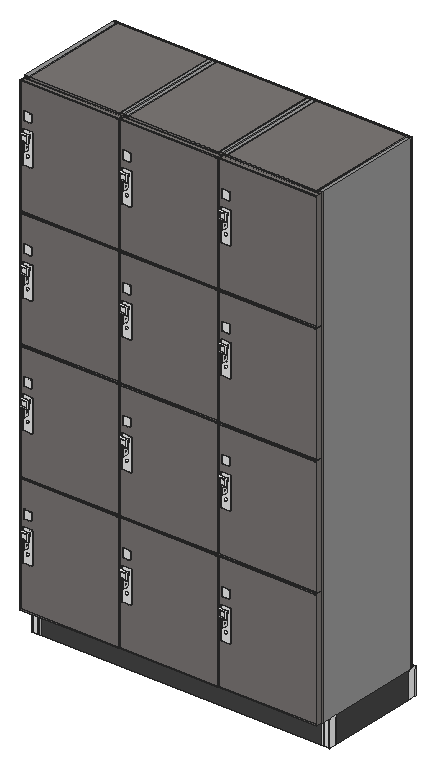
Revit family "Wood_Lockers_Hasps-Salsbury_Industries-15_44000_Series-3_Wide_Units.rfa", category Specialty Equipment, Revit 2016 (continued)
Definition of nested family "Wood Locker Flat Corner Fillers"
  Types (6): name | Width | Visible | Version | Type Comments | Model | Manufacturer | Description | Depth
    44439 - for 24" D Lockers | 25.875" | yes | "1.0 (12/15/23)" | "Flat Top Corner Filler for Premier Wood Lockers" | "44439" | "Salsbury Industries" | "For 24\" D Lockers" | 25.875"
  Reference planes (in)
    plane 1 "Center (Front/Back)": y = 0
    plane 2: z = 0
    plane 3 "Center (Left/Right)": x = 0
    plane 4 "Right Side": x = 8.4375
    plane 5 "Left Side": x = -8.4375
    plane 6 "Front Side": y = -8.4375
    plane 7 "Back Side": y = 8.4375
    plane 8 "Bottom": z = 0
    plane 9 "Top Side": z = 0.75
    plane 10 "Wood - Laminate Line": z = 0.719
    plane 11: x = -5.4375
    plane 12: y = -5.4375
  Forms (in)
    Extrusion 1, solid, visible <- "Visible"
      sketch origin (0, 0, 0) x (0, -1, 0) y (1, 0, 0)
        loop
          line (-8.4375, -8.4375) -> (5.4375, -8.4375) -> (5.4375, -5.4375) -> (8.4375, -5.4375) -> (8.4375, 8.4375) -> (-8.4375, 8.4375) -> (-8.4375, -8.4375)
      from 0 to 0.719
    Extrusion 2, solid, material <- "Laminate Surface", visible <- "Visible"
      sketch origin (0, 0, 0.75) x (1, 0, 0) y (0, 1, 0)
        loop
          line (-8.4375, -5.4375) -> (-5.4375, -5.4375) -> (-5.4375, -8.4375) -> (8.4375, -8.4375) -> (8.4375, 8.4375) -> (-8.4375, 8.4375) -> (-8.4375, -5.4375)
      from -0.031 to 0
  Dimensions and locks (in)
    equal spacing: plane 6 "Front Side", plane 1 "Center (Front/Back)", plane 7 "Back Side"
    equal spacing: plane 5 "Left Side", plane 3 "Center (Left/Right)", plane 4 "Right Side"
    "Width": plane 5 "Left Side" to plane 4 "Right Side"
    "Depth": plane 6 "Front Side" to plane 7 "Back Side"
    "Height": plane 9 "Top Side" to plane 8 "Bottom"
    locked: plane 9 "Top Side" to plane 10 "Wood - Laminate Line" at 0.031
    locked: plane 6 "Front Side" to plane 12 at 3
    locked: plane 5 "Left Side" to plane 11 at 3
    plane 12 to plane 7 "Back Side" = 13.875"
    aligned and locked: level to plane 2
  Automatic sketch dimensions
    Extrusion 2 sketch curve to plane 5 "Left Side" = 0.000"
    plane 6 "Front Side" to Extrusion 2 sketch curve = 0.000"
    Extrusion 2 sketch curve to plane 11 = 0.000"
    Extrusion 2 sketch curve to plane 4 "Right Side" = 0.000"
    Extrusion 2 sketch curve to plane 12 = 0.000"
    plane 7 "Back Side" to Extrusion 2 sketch curve = 0.000"
    Extrusion 1 sketch curve to plane 5 "Left Side" = 0.000"
    plane 7 "Back Side" to Extrusion 1 sketch curve = 0.000"
    Extrusion 1 sketch curve to plane 12 = 0.000"
    Extrusion 1 sketch curve to plane 4 "Right Side" = 0.000"
    plane 6 "Front Side" to Extrusion 1 sketch curve = 0.000"
    Extrusion 1 sketch curve to plane 11 = 0.000"
Definition of nested family "Wood Locker Side Panels-No Slope"
  Parameters (values of type "44237 - 6' H for 24"D Lockers")
    Width = 23.625"
    Visible = yes
    Version = "1.0 (12/15/23)"
    Type Comments = "Side Panel for Premier Wood Lockers without Sloping Hood"
    Model = "44237"
    Manufacturer = "Salsbury Industries"
    Laminate Surface = none
    Height = 72.000"
    Door Trim = none
    Description = "6' H for 21\" D Lockers"
    Depth = 0.750"
  Types (6): name | Width | Visible | Version | Type Comments | Model | Manufacturer | Description
    (no name) | 23.625" | yes | "1.0 (12/15/23)" | "Side Panel for Premier Wood Lockers without Sloping Hood" | "44237" | "Salsbury Industries" | "6' H for 21\" D Lockers"
    44330 - 6' H for 15"D Lockers | 14.625" | yes | "1.0 (12/15/23)" | "Side Panel for Premier Wood Lockers without Sloping Hood" | "44330" | "Salsbury Industries" | "6' H for 15\" D Lockers"
    44333 - 6' H for 18" D Lockers | 17.625" | yes | "1.0 (12/15/23)" | "Side Panel for Premier Wood Lockers withouth Sloping Hood" | "44333" | "Salsbury Industries" | "6' H for 18\" D Lockers"
    44335 - 6' H for 21" D Lockers | 20.625" | yes | "1.0 (12/15/23)" | "Side Panel for Premier Wood Lockers without Sloping Hood" | "44335" | "Salsbury Industries" | "6' H for 21\" D Lockers"
    None | 14.000" | no | "" | "" | "" | "" | ""
    44237 - 6' H for 24"D Lockers | 23.625" | yes | "1.0 (12/15/23)" | "Side Panel for Premier Wood Lockers without Sloping Hood" | "44237" | "Salsbury Industries" | "6' H for 21\" D Lockers"
  Reference planes (in)
    plane 1 "Center (Front/Back)": y = 0
    plane 2: z = 0
    plane 3 "Center (Left/Right)": x = 0
    plane 4 "Back": y = 0.375
    plane 5 "Front": y = -0.375
    plane 6 "Left Side": x = -11.8125
    plane 7 "Right Side": x = 11.8125
    plane 8 "Bottom": z = 0
    plane 9 "Top": z = 72
    plane 10 "Center Elevation": z = 36
    plane 11 "Wood - Laminate Edge": y = -0.344
    plane 12 "Right Side of Wood": x = 11.7815
    plane 13 "Left Side of Wood": x = -11.7815
    plane 14 "Top of Wood": z = 71.969
    plane 15 "Bottom of Wood": z = 0.031
  Forms (in)
    Extrusion 1, solid, visible <- "Visible"
      sketch origin (0, 0.375, 0) x (1, 0, 0) y (0, 0, 1)
        loop
          line (11.7815, 71.969) -> (-11.7815, 71.969) -> (-11.7815, 0.031) -> (11.7815, 0.031) -> (11.7815, 71.969)
      from 0 to 0.719
    Extrusion 2, solid, material <- "Laminate Surface", visible <- "Visible"
      sketch origin (0, -0.375, 0) x (1, 0, 0) y (0, 0, 1)
        loop
          line (-11.8125, 72) -> (-11.8125, 0) -> (11.8125, 0) -> (11.8125, 72) -> (-11.8125, 72)
      from -0.031 to 0
    Extrusion 3, solid, material <- "Laminate Surface", visible <- "Visible"
      sketch origin (0, 0, 0) x (1, 0, 0) y (0, 0, 1)
        loop
          line (-11.8125, 0) -> (11.8125, 0) -> (11.8125, 72) -> (-11.8125, 72) -> (-11.8125, 0)
        loop
          line (-11.7815, 0.031) -> (11.7815, 0.031) -> (11.7815, 71.969) -> (-11.7815, 71.969) -> (-11.7815, 0.031)
      from -0.375 to 0.344
  Dimensions and locks (in)
    equal spacing: plane 6 "Left Side", plane 3 "Center (Left/Right)", plane 7 "Right Side"
    plane 5 "Front" to plane 1 "Center (Front/Back)" to plane 4 "Back" = 0.375", 0.375"
    "Width": plane 6 "Left Side" to plane 7 "Right Side"
    "Depth": plane 5 "Front" to plane 4 "Back"
    equal spacing: plane 9 "Top", plane 10 "Center Elevation", plane 8 "Bottom"
    "Height": plane 9 "Top" to plane 8 "Bottom"
    locked: plane 5 "Front" to plane 11 "Wood - Laminate Edge" at 0.031
    locked: plane 15 "Bottom of Wood" to plane 8 "Bottom" at 0.031
    locked: plane 12 "Right Side of Wood" to plane 7 "Right Side" at 0.031
    locked: plane 6 "Left Side" to plane 13 "Left Side of Wood" at 0.031
    locked: plane 9 "Top" to plane 14 "Top of Wood" at 0.031
    aligned and locked: level to plane 2
    aligned and locked: Extrusion 2 sketch curve to plane 7 "Right Side"
    aligned and locked: plane 8 "Bottom" to Extrusion 2 sketch curve
    aligned and locked: plane 6 "Left Side" to Extrusion 2 sketch curve
    aligned and locked: plane 9 "Top" to Extrusion 2 sketch curve
    aligned and locked: Extrusion 3 to plane 4 "Back"
    aligned and locked: plane 11 "Wood - Laminate Edge" to Extrusion 3
  Automatic sketch dimensions
    plane 13 "Left Side of Wood" to Extrusion 1 sketch curve = 0.000"
    plane 12 "Right Side of Wood" to Extrusion 1 sketch curve = 0.000"
    Extrusion 1 sketch curve to plane 15 "Bottom of Wood" = 0.000"
    Extrusion 1 sketch curve to plane 14 "Top of Wood" = 0.000"
    plane 13 "Left Side of Wood" to Extrusion 3 sketch curve = 0.000"
    Extrusion 3 sketch curve to level = 0.000"
    plane 13 "Left Side of Wood" to Extrusion 3 sketch curve = 0.031"
    plane 12 "Right Side of Wood" to Extrusion 3 sketch curve = 0.000"
    plane 7 "Right Side" to Extrusion 3 sketch curve = 0.000"
    Extrusion 3 sketch curve to plane 15 "Bottom of Wood" = 0.000"
    Extrusion 3 sketch curve to plane 14 "Top of Wood" = 0.000"
    Extrusion 3 sketch curve to plane 9 "Top" = 0.000"
Definition of nested family "Wood Locker Side Panels-With Slope"
  Parameters (values of type "44238 - 6' H for 24" D Lockers")
    Width = 23.625"
    Visible = yes
    Version = "1.0 (12/15/23)"
    Type Comments = "Side Panel for Premier Wood Lockers with Sloping Hood"
    Slope Height = 8.608"
    Model = "44238"
    Manufacturer = "Salsbury Industries"
    Laminate Surface = none
    Height = 72.153"
    Door Trim = none
    Description = "6' H for 24\" D Lockers"
    Depth = 0.750"
  Types (6): name | Width | Visible | Version | Type Comments | Slope Height | Model | Manufacturer | Height | Description
    (no name) | 23.625" | yes | "1.0 (12/15/23)" | "Side Panel for Premier Wood Lockers with Sloping Hood" | 8.608" | "44238" | "Salsbury Industries" | 72.153" | "6' H for 24\" D Lockers"
    44334 - 6' H  for 18" D Lockers | 17.625" | yes | "1.0 (12/15/23)" | "Side Panel for Premier Wood Lockers with Sloping Hood" | 6.806" | "44334" | "Salsbury Industries" | 72.062" | "6' H for 18\" D Lockers"
    44336 - 6' H for 21" D Lockers | 20.625" | yes | "1.0 (12/15/23)" | "Side Panel for Premier Wood Lockers with Sloping Hood" | 7.931" | "44336" | "Salsbury Industries" | 72.062" | "6' H for 21\" D Lockers"
    None | 14.625" | no | "" | "" | 5.681" | "" | "" | 72.062" | ""
    44339 - 6' H for 15" D Lockers | 14.625" | yes | "1.0 (12/15/23)" | "Side Panel for Premier Wood Lockers with Sloping Hood" | 5.681" | "44339" | "Salsbury Industries" | 72.062" | "6' H for 15\" D Lockers"
    44238 - 6' H for 24" D Lockers | 23.625" | yes | "1.0 (12/15/23)" | "Side Panel for Premier Wood Lockers with Sloping Hood" | 8.608" | "44238" | "Salsbury Industries" | 72.153" | "6' H for 24\" D Lockers"
  Reference planes (in)
    plane 1 "Center (Front/Back)": y = 0
    plane 2: z = 0
    plane 3 "Center (Left/Right)": x = 0
    plane 4 "Back": y = 0.375
    plane 5 "Front": y = -0.375
    plane 6 "Left Side": x = -11.8125
    plane 7 "Right Side": x = 11.8125
    plane 8 "Bottom": z = 0
    plane 9 "Top": z = 72.153
    plane 10 "Center Elevation": z = 36.0765
    plane 11 "Wood - Laminate Edge": y = -0.344
    plane 12 "Right Side of Wood": x = 11.7815
    plane 13 "Left Side of Wood": x = -11.7815
    plane 14 "Top of Wood": z = 72.028
    plane 15 "Bottom of Wood": z = 0.031
    plane 16: z = 80.761
    plane 17: z = 80.636
  Forms (in)
    Extrusion 1, solid, visible <- "Visible"
      sketch origin (0, 0.375, 0) x (1, 0, 0) y (0, 0, 1)
        loop
          line (-11.8125, 80.73) -> (-11.8125, 0) -> (11.7815, 0) -> (11.7815, 72.13387) -> (-11.8125, 80.73)
      from 0 to 0.719
    Extrusion 2, solid, material <- "Laminate Surface", visible <- "Visible"
      sketch origin (0, -0.375, 0) x (1, 0, 0) y (0, 0, 1)
        loop
          line (-11.8125, 0) -> (11.8125, 0) -> (11.8125, 72.153) -> (-11.8125, 80.761) -> (-11.8125, 0)
      from -0.031 to 0
    Extrusion 3, solid, material <- "Laminate Surface", visible <- "Visible"
      sketch origin (0, -0.375, 0) x (1, 0, 0) y (0, 0, 1)
        loop
          line (11.8125, 0) -> (11.8125, 72.153) -> (-11.8125, 80.761) -> (-11.8125, 80.73) -> (11.7815, 72.13387) -> (11.7815, 0) -> (11.8125, 0)
      from -0.031 to -0.75
  Dimensions and locks (in)
    equal spacing: plane 6 "Left Side", plane 3 "Center (Left/Right)", plane 7 "Right Side"
    plane 5 "Front" to plane 1 "Center (Front/Back)" to plane 4 "Back" = 0.375", 0.375"
    "Width": plane 6 "Left Side" to plane 7 "Right Side"
    "Depth": plane 5 "Front" to plane 4 "Back"
    equal spacing: plane 9 "Top", plane 10 "Center Elevation", plane 8 "Bottom"
    "Height": plane 9 "Top" to plane 8 "Bottom"
    locked: plane 5 "Front" to plane 11 "Wood - Laminate Edge" at 0.031
    locked: plane 15 "Bottom of Wood" to plane 8 "Bottom" at 0.031
    locked: plane 12 "Right Side of Wood" to plane 7 "Right Side" at 0.031
    locked: plane 6 "Left Side" to plane 13 "Left Side of Wood" at 0.031
    locked: plane 9 "Top" to plane 14 "Top of Wood" at 0.125
    "Slope Height": plane 16 to plane 9 "Top"
    locked: plane 16 to plane 17 at 0.125
    aligned and locked: level to plane 2
    aligned and locked: Extrusion 3 to plane 4 "Back"
    aligned and locked: plane 11 "Wood - Laminate Edge" to Extrusion 3
  Automatic sketch dimensions
    plane 6 "Left Side" to Extrusion 2 sketch curve = 0.000"
    plane 7 "Right Side" to Extrusion 2 sketch curve = 0.000"
    Extrusion 2 sketch curve to level = 0.000"
    Extrusion 2 sketch curve to plane 9 "Top" = 0.000"
    Extrusion 2 sketch curve to plane 16 = 0.000"
    Extrusion 1 sketch curve to level = 0.000"
    plane 6 "Left Side" to Extrusion 1 sketch curve = 0.000"
    plane 12 "Right Side of Wood" to Extrusion 1 sketch curve = 0.000"
    plane 9 "Top" to Extrusion 1 sketch curve = 0.01913"
    plane 6 "Left Side" to Extrusion 3 sketch curve = 0.000"
    plane 12 "Right Side of Wood" to Extrusion 3 sketch curve = 0.000"
    plane 7 "Right Side" to Extrusion 3 sketch curve = 0.000"
    Extrusion 3 sketch curve to level = 0.000"
    Extrusion 3 sketch curve to plane 9 "Top" = 0.000"
    Extrusion 3 sketch curve to plane 16 = 0.000"
    plane 9 "Top" to Extrusion 3 sketch curve = 0.01913"
    plane 16 to Extrusion 3 sketch curve = 0.031"
    plane 16 to Extrusion 1 sketch curve = 0.031"
Definition of nested family "Wood Locker Double Side Panels-No Slope"
  Parameters (values of type "44237DE - 6' H for 24"D Lockers")
    Width = 47.250"
    Visible = yes
    Version = "1.0 (12/15/23)"
    Type Comments = "Double End Panel for Premier Wood Lockers"
    Model = "44237DE"
    Manufacturer = "Salsbury Industries"
    Laminate Surface = none
    Height = 72.000"
    Door Trim = none
    Description = "For 6' H x 21\" D without Sloping Hood"
    Depth = 0.750"
  Types (6): name | Width | Visible | Version | Type Comments | Model | Manufacturer | Description
    (no name) | 47.250" | yes | "1.0 (12/15/23)" | "Double End Panel for Premier Wood Lockers" | "44237DE" | "Salsbury Industries" | "For 6' H x 21\" D without Sloping Hood"
    44330DE - 6' H for 15"D Lockers | 29.250" | yes | "1.0 (12/15/23)" | "Double End Panel for Premier Wood Lockers" | "44330DE" | "Salsbury Industries" | "For 6' H x 15\" D without Sloping Hood"
    44333DE - 6' H for 18" D Lockers | 35.250" | yes | "1.0 (12/15/23)" | "Double End Panel for Premier Wood Lockers" | "44333DE" | "Salsbury Industries" | "For 6' H x 18\" D without Sloping Hood"
    44335DE - 6' H for 21" D Lockers | 41.250" | yes | "1.0 (12/15/23)" | "Double End Panel for Premier Wood Lockers" | "44335DE" | "Salsbury Industries" | "For 6' H x 21\" D without Sloping Hood"
    None | 14.000" | no | "" | "" | "" | "" | ""
    44237DE - 6' H for 24"D Lockers | 47.250" | yes | "1.0 (12/15/23)" | "Double End Panel for Premier Wood Lockers" | "44237DE" | "Salsbury Industries" | "For 6' H x 21\" D without Sloping Hood"
  Reference planes (in)
    plane 1 "Center (Front/Back)": y = 0
    plane 2: z = 0
    plane 3 "Center (Left/Right)": x = 0
    plane 4 "Back": y = 0.375
    plane 5 "Front": y = -0.375
    plane 6 "Left Side": x = -23.625
    plane 7 "Right Side": x = 23.625
    plane 8 "Bottom": z = 0
    plane 9 "Top": z = 72
    plane 10 "Center Elevation": z = 36
    plane 11 "Wood - Laminate Edge": y = -0.344
    plane 12 "Right Side of Wood": x = 23.594
    plane 13 "Left Side of Wood": x = -23.594
    plane 14 "Top of Wood": z = 71.969
    plane 15 "Bottom of Wood": z = 0.031
  Forms (in)
    Extrusion 1, solid, visible <- "Visible"
      sketch origin (0, 0.375, 0) x (1, 0, 0) y (0, 0, 1)
        loop
          line (23.594, 71.969) -> (-23.594, 71.969) -> (-23.594, 0.031) -> (23.594, 0.031) -> (23.594, 71.969)
      from 0 to 0.719
    Extrusion 2, solid, material <- "Laminate Surface", visible <- "Visible"
      sketch origin (0, -0.375, 0) x (1, 0, 0) y (0, 0, 1)
        loop
          line (-23.625, 72) -> (-23.625, 0) -> (23.625, 0) -> (23.625, 72) -> (-23.625, 72)
      from -0.031 to 0
    Extrusion 3, solid, material <- "Laminate Surface", visible <- "Visible"
      sketch origin (0, 0, 0) x (1, 0, 0) y (0, 0, 1)
        loop
          line (-23.625, 0) -> (23.625, 0) -> (23.625, 72) -> (-23.625, 72) -> (-23.625, 0)
        loop
          line (23.594, 71.969) -> (-23.594, 71.969) -> (-23.594, 0.031) -> (23.594, 0.031) -> (23.594, 71.969)
      from -0.375 to 0.344
  Dimensions and locks (in)
    equal spacing: plane 6 "Left Side", plane 3 "Center (Left/Right)", plane 7 "Right Side"
    plane 5 "Front" to plane 1 "Center (Front/Back)" to plane 4 "Back" = 0.375", 0.375"
    "Width": plane 6 "Left Side" to plane 7 "Right Side"
    "Depth": plane 5 "Front" to plane 4 "Back"
    equal spacing: plane 9 "Top", plane 10 "Center Elevation", plane 8 "Bottom"
    "Height": plane 9 "Top" to plane 8 "Bottom"
    locked: plane 5 "Front" to plane 11 "Wood - Laminate Edge" at 0.031
    locked: plane 15 "Bottom of Wood" to plane 8 "Bottom" at 0.031
    plane 12 "Right Side of Wood" to plane 7 "Right Side" = 0.031"
    locked: plane 6 "Left Side" to plane 13 "Left Side of Wood" at 0.031
    locked: plane 9 "Top" to plane 14 "Top of Wood" at 0.031
    aligned and locked: level to plane 2
    aligned and locked: Extrusion 2 sketch curve to plane 8 "Bottom"
    aligned and locked: plane 6 "Left Side" to Extrusion 2 sketch curve
    aligned and locked: Extrusion 2 sketch curve to plane 7 "Right Side"
    aligned and locked: Extrusion 2 sketch curve to plane 9 "Top"
    aligned and locked: Extrusion 3 to plane 4 "Back"
    aligned and locked: plane 11 "Wood - Laminate Edge" to Extrusion 3
  Automatic sketch dimensions
    plane 13 "Left Side of Wood" to Extrusion 1 sketch curve = 0.000"
    plane 12 "Right Side of Wood" to Extrusion 1 sketch curve = 0.000"
    Extrusion 1 sketch curve to plane 15 "Bottom of Wood" = 0.000"
    Extrusion 1 sketch curve to plane 14 "Top of Wood" = 0.000"
    Extrusion 3 sketch curve to level = 0.000"
    plane 6 "Left Side" to Extrusion 3 sketch curve = 0.000"
    plane 7 "Right Side" to Extrusion 3 sketch curve = 0.000"
    Extrusion 3 sketch curve to plane 9 "Top" = 0.000"
    plane 13 "Left Side of Wood" to Extrusion 3 sketch curve = 0.000"
    Extrusion 3 sketch curve to plane 15 "Bottom of Wood" = 0.000"
    Extrusion 3 sketch curve to plane 14 "Top of Wood" = 0.000"
    plane 12 "Right Side of Wood" to Extrusion 3 sketch curve = 0.000"
Definition of nested family "Wood Locker Double Side Panels-With Slope"
  Parameters (values of type "44238DE - 6' H for 24"D Lockers")
    Width = 47.250"
    Visible = yes
    Version = "1.0 (12/15/23)"
    Type Comments = "Double End Panel for Premier Wood Lockers"
    Slope Height = 8.895"
    Model = "442386DE"
    Manufacturer = "Salsbury Industries"
    Laminate Surface = none
    Height = 72.153"
    Door Trim = none
    Description = "For 6' H x 21\" D Lockers with Sloping Hood"
    Depth = 0.750"
  Types (6): name | Width | Visible | Version | Type Comments | Slope Height | Model | Manufacturer | Height | Description
    (no name) | 47.250" | yes | "1.0 (12/15/23)" | "Double End Panel for Premier Wood Lockers" | 8.895" | "442386DE" | "Salsbury Industries" | 72.153" | "For 6' H x 21\" D Lockers with Sloping Hood"
    44339DE - 6' H for 15"D Lockers | 29.250" | yes | "1.0 (12/15/23)" | "Double End Panel for Premier Wood Lockers" | 5.681" | "44339DE" | "Salsbury Industries" | 72.062" | "For 6' H x 15\" D Lockers with Sloping Hood"
    44334DE - 6' H  for 18" D Lockers | 35.250" | yes | "1.0 (12/15/23)" | "Double End Panel for Premier Wood Lockers" | 6.806" | "44334DE" | "Salsbury Industries" | 72.062" | "For 6' H x 18\" D Lockers with Sloping Hood"
    44336DE - 6' H for 21" D Lockers | 41.250" | yes | "1.0 (12/15/23)" | "Double End Panel for Premier Wood Lockers" | 7.931" | "44336DE" | "Salsbury Industries" | 72.062" | "For 6' H x 21\" D Lockers with Sloping Hood"
    None | 14.000" | no | "" | "" | 5.500" | "" | "" | 72.000" | ""
    44238DE - 6' H for 24"D Lockers | 47.250" | yes | "1.0 (12/15/23)" | "Double End Panel for Premier Wood Lockers" | 8.895" | "442386DE" | "Salsbury Industries" | 72.153" | "For 6' H x 21\" D Lockers with Sloping Hood"
  Reference planes (in)
    plane 1 "Center (Front/Back)": y = 0
    plane 2: z = 0
    plane 3 "Center (Left/Right)": x = 0
    plane 4 "Back": y = 0.375
    plane 5 "Front": y = -0.375
    plane 6 "Left Side": x = -23.625
    plane 7 "Right Side": x = 23.625
    plane 8 "Bottom": z = 0
    plane 9 "Top": z = 72.153
    plane 10 "Center Elevation": z = 36.0765
    plane 11 "Wood - Laminate Edge": y = -0.344
    plane 12 "Right Side of Wood": x = 23.594
    plane 13 "Left Side of Wood": x = -23.594
    plane 14 "Top of Wood": z = 72.028
    plane 15 "Bottom of Wood": z = 0.125
    plane 16: z = 81.048
    plane 17: z = 81.017
  Forms (in)
    Extrusion 1, solid, visible <- "Visible"
      sketch origin (0, 0.375, 0) x (1, 0, 0) y (0, 0, 1)
        loop
          line (23.594, 72.122) -> (0, 81.017) -> (-23.594, 72.122) -> (-23.594, 0) -> (23.594, 0) -> (23.594, 72.122)
      from 0 to 0.719
    Extrusion 2, solid, material <- "Laminate Surface", visible <- "Visible"
      sketch origin (0, -0.375, 0) x (1, 0, 0) y (0, 0, 1)
        loop
          line (23.625, 0) -> (23.625, 72.153) -> (0, 81.048) -> (-23.625, 72.153) -> (-23.625, 0) -> (23.625, 0)
      from -0.031 to 0
    Extrusion 3, solid, material <- "Laminate Surface", visible <- "Visible"
      sketch origin (0, 0.375, 0) x (1, 0, 0) y (0, 0, 1)
        loop
          line (23.625, 0) -> (23.625, 72.153) -> (0, 81.048) -> (-23.625, 72.153) -> (-23.625, 0) -> (-23.594, 0) -> (-23.594, 72.122) -> (0, 81.017) -> (23.594, 72.122) -> (23.594, 0) -> (23.625, 0)
      from 0 to 0.719
  Dimensions and locks (in)
    equal spacing: plane 6 "Left Side", plane 3 "Center (Left/Right)", plane 7 "Right Side"
    plane 5 "Front" to plane 1 "Center (Front/Back)" to plane 4 "Back" = 0.375", 0.375"
    "Width": plane 6 "Left Side" to plane 7 "Right Side"
    "Depth": plane 5 "Front" to plane 4 "Back"
    equal spacing: plane 9 "Top", plane 10 "Center Elevation", plane 8 "Bottom"
    "Height": plane 9 "Top" to plane 8 "Bottom"
    locked: plane 5 "Front" to plane 11 "Wood - Laminate Edge" at 0.031
    locked: plane 15 "Bottom of Wood" to plane 8 "Bottom" at 0.125
    locked: plane 12 "Right Side of Wood" to plane 7 "Right Side" at 0.031
    locked: plane 6 "Left Side" to plane 13 "Left Side of Wood" at 0.031
    locked: plane 9 "Top" to plane 14 "Top of Wood" at 0.125
    "Slope Height": plane 16 to plane 9 "Top"
    locked: plane 16 to plane 17 at 0.031
    aligned and locked: level to plane 2
    aligned and locked: Extrusion 3 to plane 4 "Back"
    aligned and locked: plane 11 "Wood - Laminate Edge" to Extrusion 3
  Automatic sketch dimensions
    plane 6 "Left Side" to Extrusion 2 sketch curve = 0.000"
    Extrusion 2 sketch curve to plane 3 "Center (Left/Right)" = 0.000"
    plane 7 "Right Side" to Extrusion 2 sketch curve = 0.000"
    Extrusion 2 sketch curve to level = 0.000"
    Extrusion 2 sketch curve to plane 9 "Top" = 0.000"  (x2)
    Extrusion 2 sketch curve to plane 16 = 0.000"
    Extrusion 1 sketch curve to level = 0.000"
    plane 13 "Left Side of Wood" to Extrusion 1 sketch curve = 0.000"
    Extrusion 1 sketch curve to plane 3 "Center (Left/Right)" = 0.000"
    plane 12 "Right Side of Wood" to Extrusion 1 sketch curve = 0.000"
    Extrusion 1 sketch curve to plane 17 = 0.000"
    plane 9 "Top" to Extrusion 1 sketch curve = 0.031"  (x2)
    Extrusion 3 sketch curve to level = 0.000"  (x2)
    plane 6 "Left Side" to Extrusion 3 sketch curve = 0.000"
    plane 13 "Left Side of Wood" to Extrusion 3 sketch curve = 0.000"
    Extrusion 3 sketch curve to plane 3 "Center (Left/Right)" = 0.000"  (x2)
    plane 12 "Right Side of Wood" to Extrusion 3 sketch curve = 0.000"
    plane 7 "Right Side" to Extrusion 3 sketch curve = 0.000"
    Extrusion 3 sketch curve to plane 9 "Top" = 0.000"  (x2)
    plane 9 "Top" to Extrusion 3 sketch curve = 0.031"  (x2)
    Extrusion 3 sketch curve to plane 17 = 0.000"
    Extrusion 3 sketch curve to plane 16 = 0.000"
Definition of nested family "Wood Locker Front Fillers"
  Parameters (values of type "44469 - 9" W for 6' H Lockers without Base")
    Width = 9.000"
    Visible Base = no
    Visible = yes
    Version = "1.0 (1/31/24)"
    Type Comments = "Front Vertical Filler for Premier Wood Lockers"
    Model = "44469"
    Manufacturer = "Salsbury Industries"
    Laminate Surface = none
    Height = 72.000"
    Description = "For 6' H Lockers"
    Depth = 0.750"
    Base Height = 0.000"
  Types (6): name | Width | Visible Base | Visible | Version | Type Comments | Model | Manufacturer | Description | Base Height
    (no name) | 9.000" | no | yes | "1.0 (1/31/24)" | "Front Vertical Filler for Premier Wood Lockers" | "44469" | "Salsbury Industries" | "For 6' H Lockers" | 0.000"
    44467 - 15"W for 6' H Lockers with Base | 15.000" | yes | yes | "1.0 (01/31/24)" | "Front Vertical Filler for Premier Wood Lockers" | "444367" | "Salsbury Industries" | "For 6' H Lockers" | 4.000"
    None | 15.000" | no | no | "" | "" | "" | "" | "" | 4.000"
    44469 - 9" W for 6' H Lockers with Base | 9.000" | yes | yes | "1.0 (01/31/24)" | "Front Vertical Filler for Premier Wood Lockers" | "44469" | "Salsbury Industries" | "For 6' H Lockers" | 4.000"
    44467 - 15" W for 6'H Lockers without Base | 15.000" | no | yes | "1.0 (01/31/24)" | "Front Vertical Filler for Premier Wood Lockers" | "44467" | "Salsbury Industries" | "For 6' H Lockers" | 0.000"
    44469 - 9" W for 6' H Lockers without Base | 9.000" | no | yes | "1.0 (1/31/24)" | "Front Vertical Filler for Premier Wood Lockers" | "44469" | "Salsbury Industries" | "For 6' H Lockers" | 0.000"
  Reference planes (in)
    plane 1 "Center (Front/Back)": y = 0
    plane 2: z = 0
    plane 3 "Center (Left/Right)": x = 0
    plane 4 "Back": y = 0.375
    plane 5 "Front": y = -0.375
    plane 6 "Left Side": x = -4.5
    plane 7 "Right Side": x = 4.5
    plane 8 "Bottom": z = 0
    plane 9 "Top": z = 72
    plane 10 "Center Elevation": z = 36
    plane 11 "Wood - Laminate Edge": y = -0.344
    plane 12 "Right Side of Wood": x = 4.375
    plane 13 "Left Side of Wood": x = -4.375
    plane 14 "Top of Wood": z = 71.875
    plane 15 "Bottom of Wood": z = 0.125
    plane 16 "Front of Base Filler": y = 1
  Forms (in)
    Extrusion 1, solid, visible <- "Visible"
      sketch origin (0, 0.375, 0) x (1, 0, 0) y (0, 0, 1)
        loop
          line (4.5, 72) -> (-4.5, 72) -> (-4.5, 0) -> (4.5, 0) -> (4.5, 72)
      from 0 to 0.719
    Extrusion 2, solid, material <- "Laminate Surface", visible <- "Visible"
      sketch origin (0, -0.375, 0) x (1, 0, 0) y (0, 0, 1)
        loop
          line (-4.5, 72) -> (-4.5, 0) -> (4.5, 0) -> (4.5, 72) -> (-4.5, 72)
      from -0.031 to 0
    Extrusion 3, solid, visible <- "Visible Base"
      sketch origin (0, 0, 0) x (1, 0, 0) y (0, 1, 0)
        loop
          line (-4.5, 1.75) -> (-4.5, 0.375) -> (4.5, 0.375) -> (4.5, 1.75) -> (-4.5, 1.75)
      from 0 to 0.75
    Extrusion 4, solid, visible <- "Visible Base"
      sketch origin (0, 0, 0) x (1, 0, 0) y (0, 1, 0)
        loop
          line (-4.5, 1.75) -> (-4.5, 1) -> (4.5, 1) -> (4.5, 1.75) -> (-4.5, 1.75)
      from 0 to -4
  Dimensions and locks (in)
    equal spacing: plane 6 "Left Side", plane 3 "Center (Left/Right)", plane 7 "Right Side"
    plane 5 "Front" to plane 1 "Center (Front/Back)" to plane 4 "Back" = 0.375", 0.375"
    "Width": plane 6 "Left Side" to plane 7 "Right Side"
    "Depth": plane 5 "Front" to plane 4 "Back"
    equal spacing: plane 9 "Top", plane 10 "Center Elevation", plane 8 "Bottom"
    locked: plane 5 "Front" to plane 11 "Wood - Laminate Edge" at 0.031
    locked: plane 15 "Bottom of Wood" to plane 8 "Bottom" at 0.125
    locked: plane 12 "Right Side of Wood" to plane 7 "Right Side" at 0.125
    locked: plane 6 "Left Side" to plane 13 "Left Side of Wood" at 0.125
    locked: plane 9 "Top" to plane 14 "Top of Wood" at 0.125
    locked: plane 5 "Front" to plane 16 "Front of Base Filler" at 1.375
    "Base Height": plane 8 "Bottom" to plane 2
    "Height": plane 9 "Top" to plane 8 "Bottom"
    aligned and locked: level to plane 2
    aligned and locked: plane 8 "Bottom" to Extrusion 1
  Automatic sketch dimensions
    plane 6 "Left Side" to Extrusion 1 sketch curve = 0.000"
    plane 7 "Right Side" to Extrusion 1 sketch curve = 0.000"
    level to Extrusion 1 sketch curve = 0.000"
    Extrusion 1 sketch curve to plane 9 "Top" = 0.000"
    plane 6 "Left Side" to Extrusion 2 sketch curve = 0.000"
    plane 7 "Right Side" to Extrusion 2 sketch curve = 0.000"
    plane 15 "Bottom of Wood" to Extrusion 2 sketch curve = 0.125"
    Extrusion 2 sketch curve to plane 9 "Top" = 0.000"
    plane 4 "Back" to Extrusion 3 sketch curve = 0.000"
    Extrusion 3 sketch curve to plane 6 "Left Side" = 0.000"
    Extrusion 3 sketch curve to plane 7 "Right Side" = 0.000"
    Extrusion 3 sketch curve to plane 16 "Front of Base Filler" = 0.750"
    Extrusion 4 sketch curve to plane 6 "Left Side" = 0.000"
    Extrusion 4 sketch curve to plane 7 "Right Side" = 0.000"
    plane 16 "Front of Base Filler" to Extrusion 4 sketch curve = 0.000"
    Extrusion 4 sketch curve to plane 16 "Front of Base Filler" = 0.750"
Definition of nested family "Wood Locker Front Corner Filler"
  Parameters (values of type "44464 - for 6' H Lockers with Base")
    Width = 2.250"
    Visible Base = yes
    Visible = yes
    Version = "1.0 (12/15/23)"
    Type Comments = "Front Vertical Corner Filler for Designer Wood Lockers"
    Primary Structure Materials = none
    Model = "44464"
    Manufacturer = "Salsbury Industries"
    Laminate Surface = none
    Height = 72.000"
    Description = "For 6' H Lockers"
    Depth = 0.750"
    Base Primary Materials = none
    Base Height = 4.000"
  Types (3): name | Visible Base | Visible | Version | Type Comments | Model | Manufacturer | Description | Base Height
    None | no | no | "" | "" | "" | "" | "" | 4.000"
    44464 - for 6'H Lockers without Base | no | yes | "1.0 (12/15/23)" | "Front Vertical Corner Filler for Designer Wood Lockers" | "44464" | "Salsbury Industries" | "For 6' H Lockers" | 0.000"
    44464 - for 6' H Lockers with Base | yes | yes | "1.0 (12/15/23)" | "Front Vertical Corner Filler for Designer Wood Lockers" | "44464" | "Salsbury Industries" | "For 6' H Lockers" | 4.000"
  Reference planes (in)
    plane 1 "Center (Front/Back)": y = 0
    plane 2 "Bottom of Base": z = 0
    plane 3 "Center (Left/Right)": x = 0
    plane 4 "Back": y = 0.375
    plane 5 "Front": y = -0.375
    plane 6 "Left Side": x = -1.125
    plane 7 "Right Side": x = 1.125
    plane 8 "Bottom": z = 4
    plane 9 "Top": z = 76
    plane 10 "Center Elevation": z = 40
    plane 11 "Wood - Laminate Edge": y = -0.344
    plane 12 "Right Side of Wood": x = 1
    plane 13 "Left Side of Wood": x = -1
    plane 14 "Top of Wood": z = 75.875
    plane 15 "Bottom of Wood": z = 4.125
    plane 16 "Front of Base Filler": y = 1
  Forms (in)
    Extrusion 1, solid, material <- "Primary Structure Materials", visible <- "Visible"
      sketch origin (0, 0.375, 0) x (1, 0, 0) y (0, 0, 1)
        loop
          line (1.125, 76) -> (-1.156, 76) -> (-1.156, 4) -> (1.125, 4) -> (1.125, 76)
      from 0 to 0.719
    Extrusion 2, solid, material <- "Laminate Surface", visible <- "Visible"
      sketch origin (0, -0.375, 0) x (1, 0, 0) y (0, 0, 1)
        loop
          line (-1.125, 76) -> (-1.125, 4) -> (1.125, 4) -> (1.125, 76) -> (-1.125, 76)
      from -0.031 to 0
    Extrusion 3, solid, material <- "Primary Structure Materials", visible <- "Visible"
      sketch origin (-1.875, -1.5, 0) x (0, 1, 0) y (0, 0, 1)
        loop
          line (1.875, 76) -> (-1.125, 76) -> (-1.125, 4) -> (1.875, 4) -> (1.875, 76)
      from 0 to 0.719
    Extrusion 4, solid, material <- "Laminate Surface", visible <- "Visible"
      sketch origin (-1.125, -1.5, 0) x (0, 1, 0) y (0, 0, 1)
        loop
          line (-1.125, 76) -> (-1.125, 4) -> (1.156, 4) -> (1.156, 76) -> (-1.125, 76)
      from -0.031 to 0
    Extrusion 5, solid, material <- "Base Primary Materials", visible <- "Visible Base"
      sketch origin (0, 0, 0) x (1, 0, 0) y (0, 1, 0)
        loop
          line (-3.25, 1.75) -> (-3.25, -2.625) -> (-1.875, -2.625) -> (-1.875, 1.75) -> (-3.25, 1.75)
      from 4 to 4.75
    Extrusion 6, solid, material <- "Base Primary Materials", visible <- "Visible Base"
      sketch origin (0, 0, 0) x (1, 0, 0) y (0, 1, 0)
        loop
          line (-1.875, 1.75) -> (-1.875, 0.375) -> (1.125, 0.375) -> (1.125, 1.75) -> (-1.875, 1.75)
      from 4 to 4.75
    Extrusion 7, solid, material <- "Base Primary Materials", visible <- "Visible Base"
      sketch origin (0, 0, 0) x (1, 0, 0) y (0, 1, 0)
        loop
          line (1.125, 1.75) -> (-2.43407, 1.75) -> (-2.43407, 1) -> (1.125, 1) -> (1.125, 1.75)
      from 0 to 4
    Extrusion 8, solid, material <- "Base Primary Materials", visible <- "Visible Base"
      sketch origin (0, 0, 0) x (1, 0, 0) y (0, 1, 0)
        loop
          line (-3.25, 1.75) -> (-3.25, -2.625) -> (-2.43407, -2.625) -> (-2.43407, 1.75) -> (-3.25, 1.75)
      from 0 to 4
  Dimensions and locks (in)
    equal spacing: plane 6 "Left Side", plane 3 "Center (Left/Right)", plane 7 "Right Side"
    plane 5 "Front" to plane 1 "Center (Front/Back)" to plane 4 "Back" = 0.375", 0.375"
    "Width": plane 6 "Left Side" to plane 7 "Right Side"
    "Depth": plane 5 "Front" to plane 4 "Back"
    equal spacing: plane 9 "Top", plane 10 "Center Elevation", plane 8 "Bottom"
    "Height": plane 9 "Top" to plane 8 "Bottom"
    locked: plane 5 "Front" to plane 11 "Wood - Laminate Edge" at 0.031
    locked: plane 15 "Bottom of Wood" to plane 8 "Bottom" at 0.125
    locked: plane 12 "Right Side of Wood" to plane 7 "Right Side" at 0.125
    locked: plane 6 "Left Side" to plane 13 "Left Side of Wood" at 0.125
    locked: plane 9 "Top" to plane 14 "Top of Wood" at 0.125
    locked: plane 5 "Front" to plane 16 "Front of Base Filler" at 1.375
    "Base Height": plane 8 "Bottom" to plane 2 "Bottom of Base"
    aligned and locked: level to plane 2 "Bottom of Base"
    aligned and locked: plane 8 "Bottom" to Extrusion 1
    aligned and locked: Extrusion 7 to Extrusion 5
    aligned and locked: Extrusion 8 to Extrusion 5
    aligned and locked: Extrusion 7 to Extrusion 8
  Automatic sketch dimensions
    Extrusion 1 sketch curve to plane 9 "Top" = 0.000"
    Extrusion 1 sketch curve to plane 8 "Bottom" = 0.000"
    plane 7 "Right Side" to Extrusion 1 sketch curve = 0.000"
    plane 6 "Left Side" to Extrusion 1 sketch curve = 0.031"
    plane 6 "Left Side" to Extrusion 2 sketch curve = 0.000"
    plane 7 "Right Side" to Extrusion 2 sketch curve = 0.000"
    Extrusion 2 sketch curve to plane 8 "Bottom" = 0.000"
    Extrusion 2 sketch curve to plane 9 "Top" = 0.000"
    plane 9 "Top" to Extrusion 3 sketch curve = 0.000"
    plane 8 "Bottom" to Extrusion 3 sketch curve = 0.000"
    Extrusion 3 sketch curve to plane 4 "Back" = 0.000"
    plane 5 "Front" to Extrusion 3 sketch curve = 2.250"
    plane 8 "Bottom" to Extrusion 4 sketch curve = 0.000"
    plane 9 "Top" to Extrusion 4 sketch curve = 0.000"
    Extrusion 4 sketch curve to plane 11 "Wood - Laminate Edge" = 0.000"
    plane 5 "Front" to Extrusion 4 sketch curve = 2.250"
    plane 6 "Left Side" to Extrusion 5 sketch curve = 2.125"
    plane 6 "Left Side" to Extrusion 5 sketch curve = 0.750"
    plane 5 "Front" to Extrusion 5 sketch curve = 2.250"
    Extrusion 5 sketch curve to plane 16 "Front of Base Filler" = 0.750"
    plane 16 "Front of Base Filler" to Extrusion 7 sketch curve = 0.000"
    Extrusion 7 sketch curve to plane 7 "Right Side" = 0.000"
    plane 6 "Left Side" to Extrusion 7 sketch curve = 1.30907"
    Extrusion 7 sketch curve to plane 16 "Front of Base Filler" = 0.750"
    plane 6 "Left Side" to Extrusion 8 sketch curve = 2.125"
    Extrusion 8 sketch curve to Extrusion 8 sketch curve = 0.81593"
    plane 5 "Front" to Extrusion 8 sketch curve = 2.250"
    Extrusion 8 sketch curve to plane 16 "Front of Base Filler" = 0.750"
    plane 4 "Back" to Extrusion 6 sketch curve = 0.000"
    Extrusion 6 sketch curve to plane 7 "Right Side" = 0.000"
    plane 6 "Left Side" to Extrusion 6 sketch curve = 0.750"
    Extrusion 6 sketch curve to plane 16 "Front of Base Filler" = 0.750"
Definition of nested family "Wood Locker Sloping In-Line Fillers"
  Parameters (values of type "44489 - 15" W for 24" D Lockers")
    Width = 15.000"
    Visible = yes
    Version = "1.0 (12/15/23)"
    Type Comments = "Sloping Hood In-Line Filler for Premier Wood Lockers"
    Model = "44489"
    Manufacturer = "Salsbury Industries"
    Laminate Surface = none
    Height = 9.118"
    Description = "For 24\" D Lockers"
    Depth = 23.625"
  Types (10): name | Width | Visible | Version | Type Comments | Model | Manufacturer | Height | Description | Depth
    (no name) | 15.000" | yes | "1.0 (12/15/23)" | "Sloping Hood In-Line Filler for Premier Wood Lockers" | "44489" | "Salsbury Industries" | 9.118" | "For 24\" D Lockers" | 23.625"
    44487 - 15" W for 15" D Lockers | 15.000" | yes | "1.0 (12/15/23)" | "Sloping Hood In-Line Filler for Premier Wood Lockers" | "44487" | "Salsbury Industries" | 5.743" | "For 15\" D Lockers" | 14.625"
    44488 - 15" W for 18" D Lockers | 15.000" | yes | "1.0 (12/15/23)" | "Sloping Hood In-Line Filler for Premier Wood Lockers" | "44488" | "Salsbury Industries" | 6.868" | "For 18\" D Lockers" | 17.625"
    44481 - 15" W for 21" D Lockers | 15.000" | yes | "1.0 (12/15/23)" | "Sloping Hood In-Line Filler for Premier Wood Lockers" | "44481" | "Salsbury Industries" | 7.993" | "For 21\" D Lockers" | 20.625"
    None | 12.000" | no | "" | "" | "" | "" | 5.500" | "" | 14.000"
    44489 - 15" W for 24" D Lockers | 15.000" | yes | "1.0 (12/15/23)" | "Sloping Hood In-Line Filler for Premier Wood Lockers" | "44489" | "Salsbury Industries" | 9.118" | "For 24\" D Lockers" | 23.625"
    44488 - 9" W for 18" D Lockers | 9.000" | yes | "1.0 (12/15/23)" | "Sloping Hood In-Line Filler for Premier Wood Lockers" | "44488" | "Salsbury Industries" | 6.868" | "For 18\" D Lockers" | 17.625"
    44487 - 9" W for 15" D Lockers | 9.000" | yes | "1.0 (12/15/23)" | "Sloping Hood In-Line Filler for Premier Wood Lockers" | "44487" | "Salsbury Industries" | 5.743" | "For 15\" D Lockers" | 14.625"
    44481 - 9" W for 21" D Lockers | 9.000" | yes | "1.0 (12/15/23)" | "Sloping Hood In-Line Filler for Premier Wood Lockers" | "44481" | "Salsbury Industries" | 7.993" | "For 21\" D Lockers" | 20.625"
    44489 - 9" W for 24" D Lockers | 9.000" | yes | "1.0 (12/15/23)" | "Sloping Hood In-Line Filler for Premier Wood Lockers" | "44489" | "Salsbury Industries" | 9.118" | "For 24\" D Lockers" | 23.625"
  Reference planes (in)
    plane 1 "Center (Front/Back)": y = 0
    plane 2: z = 0
    plane 3 "Center (Left/Right)": x = 0
    plane 4 "Front of Hood": y = -11.8125
    plane 5 "Back of Hood": y = 11.8125
    plane 6 "Right Side of Hood": x = 7.5
    plane 7 "Left Side of Hood": x = -7.5
    plane 8 "Bottom of Hood": z = 0
    plane 9 "Top of Hood": z = 9.118
    plane 10: x = 6.75
    plane 11: x = -6.75
    plane 12: y = -11.7815
    plane 13: y = -11.0625
    plane 14: z = 9.087
    plane 15: z = 8.368
    plane 16: z = 0.062
    plane 17: z = 0.75
  Forms (in)
    Extrusion 1, solid, visible <- "Visible"
      sketch origin (0, 0, 0) x (0, 1, 0) y (0, 0, 1)
        loop
          line (-9.97273, 0) -> (11.8125, 8.368) -> (11.8125, 9.087) -> (-11.73269, 0.062) -> (-11.7815, 0.062) -> (-11.7815, 0) -> (-9.97273, 0)
      from -7.5 to 7.5
    Extrusion 2, solid, material <- "Laminate Surface", visible <- "Visible"
      sketch origin (0, 0, 0) x (0, 1, 0) y (0, 0, 1)
        loop
          line (-11.8125, 0.062) -> (-11.8125, 0) -> (-11.7815, 0) -> (-11.7815, 0.062) -> (-11.8125, 0.062)
      from -7.5 to 7.5
    Extrusion 3, solid, material <- "Laminate Surface", visible <- "Visible"
      sketch origin (0, 0, 0) x (0, 1, 0) y (0, 0, 1)
        loop
          line (11.8125, 9.118) -> (-11.8125, 0.062) -> (-11.73269, 0.062) -> (11.8125, 9.087) -> (11.8125, 9.118)
      from -7.5 to 7.5
  Dimensions and locks (in)
    equal spacing: plane 7 "Left Side of Hood", plane 3 "Center (Left/Right)", plane 6 "Right Side of Hood"
    "Width": plane 7 "Left Side of Hood" to plane 6 "Right Side of Hood"
    equal spacing: plane 4 "Front of Hood", plane 1 "Center (Front/Back)", plane 5 "Back of Hood"
    "Depth": plane 4 "Front of Hood" to plane 5 "Back of Hood"
    "Height": plane 9 "Top of Hood" to plane 8 "Bottom of Hood"
    plane 7 "Left Side of Hood" to plane 11 = 0.750"
    plane 10 to plane 6 "Right Side of Hood" = 0.750"
    plane 4 "Front of Hood" to plane 12 to plane 13 = 0.031" locked, 0.719" locked
    plane 15 to plane 14 to plane 9 "Top of Hood" = 0.719" locked, 0.031" locked
    locked: plane 16 to plane 8 "Bottom of Hood" at 0.062
    locked: plane 17 to plane 8 "Bottom of Hood" at 0.75
    aligned and locked: level to plane 2
    aligned and locked: Extrusion 1 to plane 6 "Right Side of Hood"
    aligned and locked: plane 7 "Left Side of Hood" to Extrusion 1
    aligned and locked: plane 7 "Left Side of Hood" to Extrusion 3
    aligned and locked: Extrusion 3 to plane 6 "Right Side of Hood"
    aligned and locked: Extrusion 2 to plane 6 "Right Side of Hood"
    aligned and locked: plane 7 "Left Side of Hood" to Extrusion 2
  Automatic sketch dimensions
    Extrusion 2 sketch curve to level = 0.000"
    Extrusion 2 sketch curve to plane 4 "Front of Hood" = 0.000"
    Extrusion 2 sketch curve to plane 12 = 0.000"
    plane 16 to Extrusion 2 sketch curve = 0.000"
    Extrusion 3 sketch curve to plane 4 "Front of Hood" = 0.000"
    plane 16 to Extrusion 3 sketch curve = 0.000"
    Extrusion 3 sketch curve to plane 5 "Back of Hood" = 0.000"
    plane 14 to Extrusion 3 sketch curve = 0.000"
    plane 9 "Top of Hood" to Extrusion 3 sketch curve = 0.000"
    Extrusion 3 sketch curve to plane 12 = 0.04881"
    Extrusion 1 sketch curve to level = 0.000"
    Extrusion 1 sketch curve to plane 12 = 0.000"
    plane 16 to Extrusion 1 sketch curve = 0.000"
    Extrusion 1 sketch curve to plane 5 "Back of Hood" = 0.000"
    plane 15 to Extrusion 1 sketch curve = 0.000"
    plane 14 to Extrusion 1 sketch curve = 0.000"
    Extrusion 1 sketch curve to plane 13 = 1.08977"
    Extrusion 1 sketch curve to plane 12 = 0.04881"
Definition of nested family "Wood Locker Flat In-Line Fillers"
  Parameters (values of type "44448 - 15" W for 18" D Lockers")
    Width = 15.000"
    Visible = yes
    Version = "1.0 (12/15/23)"
    Type Comments = "Flat Top In-Line Filler for Premier Wood Lockers"
    Model = "44448"
    Manufacturer = "Salsbury Industries"
    Laminate Surface = none
    Height = 0.750"
    Description = "For 18\" D Lockers"
    Depth = 16.875"
  Types (10): name | Width | Visible | Version | Type Comments | Model | Manufacturer | Description | Depth
    (no name) | 15.000" | yes | "1.0 (12/15/23)" | "Flat Top In-Line Filler for Premier Wood Lockers" | "44448" | "Salsbury Industries" | "For 18\" D Lockers" | 16.875"
    44447 - 15" W for 15" D Lockers | 15.000" | yes | "1.0 (12/15/23)" | "Flat Top In-Line Filler for Premier Wood Lockers" | "44447" | "Salsbury Industries" | "For 15\" D Lockers" | 13.875"
    44448 - 15" W for 18" D Lockers | 15.000" | yes | "1.0 (12/15/23)" | "Flat Top In-Line Filler for Premier Wood Lockers" | "44448" | "Salsbury Industries" | "For 18\" D Lockers" | 16.875"
    44441 - 15" W for 21" D Lockers | 15.000" | yes | "1.0 (12/15/23)" | "Flat Top In-Line Filler for Premier Wood Lockers" | "44441" | "Salsbury Industries" | "For 21\" D Lockers" | 19.875"
    None | 15.000" | no | "" | "" | "" | "" | "" | 13.250"
    44448 - 9" W for 18" D Lockers | 9.000" | yes | "1.0 (12/15/23)" | "Flat Top In-Line Filler for Premier Wood Lockers" | "44448" | "Salsbury Industries" | "For 18\" D Lockers" | 16.875"
    44447 - 9" W for 15" D Lockers | 9.000" | yes | "1.0 (12/15/23)" | "Flat Top In-Line Filler for Premier Wood Lockers" | "44447" | "Salsbury Industries" | "For 15\" D Lockers" | 13.875"
    44441 - 9" W for 21" D Lockers | 9.000" | yes | "1.0 (12/15/23)" | "Flat Top In-Line Filler for Premier Wood Lockers" | "44441" | "Salsbury Industries" | "For 21\" D Lockers" | 19.875"
    44449 - 15" W for 24" D Lockers | 15.000" | yes | "1.0 (12/15/23)" | "Flat Top In-Line Filler for Premier Wood Lockers" | "44449" | "Salsbury Industries" | "For 24\" D Lockers" | 22.875"
    44449 - 9" W for 24" D Lockers | 9.000" | yes | "1.0 (12/15/23)" | "Flat Top In-Line Filler for Premier Wood Lockers" | "44449" | "Salsbury Industries" | "For 24\" D Lockers" | 22.875"
  Reference planes (in)
    plane 1 "Center (Front/Back)": y = 0
    plane 2: z = 0
    plane 3 "Center (Left/Right)": x = 0
    plane 4 "Right Side": x = 7.5
    plane 5 "Left Side": x = -7.5
    plane 6 "Front Side": y = -8.4375
    plane 7 "Back Side": y = 8.4375
    plane 8 "Bottom": z = 0
    plane 9 "Top Side": z = 0.75
    plane 10 "Wood - Laminate Line": z = 0.719
  Forms (in)
    Extrusion 1, solid, visible <- "Visible"
      sketch origin (0, 0, 0) x (0, -1, 0) y (1, 0, 0)
        loop
          line (-8.4375, -7.5) -> (8.4375, -7.5) -> (8.4375, 7.5) -> (-8.4375, 7.5) -> (-8.4375, -7.5)
      from 0 to 0.719
    Extrusion 2, solid, material <- "Laminate Surface", visible <- "Visible"
      sketch origin (0, 0, 0.75) x (1, 0, 0) y (0, 1, 0)
        loop
          line (-7.5, -8.4375) -> (7.5, -8.4375) -> (7.5, 8.4375) -> (-7.5, 8.4375) -> (-7.5, -8.4375)
      from -0.031 to 0
  Dimensions and locks (in)
    equal spacing: plane 6 "Front Side", plane 1 "Center (Front/Back)", plane 7 "Back Side"
    equal spacing: plane 5 "Left Side", plane 3 "Center (Left/Right)", plane 4 "Right Side"
    "Width": plane 5 "Left Side" to plane 4 "Right Side"
    "Depth": plane 6 "Front Side" to plane 7 "Back Side"
    "Height": plane 9 "Top Side" to plane 8 "Bottom"
    locked: plane 9 "Top Side" to plane 10 "Wood - Laminate Line" at 0.031
    aligned and locked: level to plane 2
  Automatic sketch dimensions
    Extrusion 1 sketch curve to plane 4 "Right Side" = 0.000"
    plane 7 "Back Side" to Extrusion 1 sketch curve = 0.000"
    Extrusion 1 sketch curve to plane 5 "Left Side" = 0.000"
    plane 6 "Front Side" to Extrusion 1 sketch curve = 0.000"
    Extrusion 2 sketch curve to plane 5 "Left Side" = 0.000"
    plane 4 "Right Side" to Extrusion 2 sketch curve = 0.000"
    plane 6 "Front Side" to Extrusion 2 sketch curve = 0.000"
    Extrusion 2 sketch curve to plane 7 "Back Side" = 0.000"
Definition of nested family "Wood Locker Fascia Fillers"
  Parameters (values of type "44462 - for 3-Wide Units")
    Width = 36.000"
    Visible = yes
    Type Comments = "Front Fascia Filler for Premier Wood Lockers"
    Model = "44462"
    Manufacturer = "Salsbury Industries"
    Laminate Surface = none
    Height = 4.000"
    Description = "4' W for Standard Designer Lockers"
    Depth = 0.750"
  Types (4): name | Width | Visible | Type Comments | Model | Manufacturer | Description
    (no name) | 36.000" | yes | "Front Fascia Filler for Premier Wood Lockers" | "44462" | "Salsbury Industries" | "4' W for Standard Designer Lockers"
    44462 - for 1-Wide Units | 12.000" | yes | "Front Fascia Filler for Premier Wood Lockers" | "44462" | "Salsbury Industries" | "4' W for Standard Designer Lockers"
    None | 12.000" | no | "" | "" | "" | ""
    44462 - for 3-Wide Units | 36.000" | yes | "Front Fascia Filler for Premier Wood Lockers" | "44462" | "Salsbury Industries" | "4' W for Standard Designer Lockers"
  Reference planes (in)
    plane 1 "Center (Front/Back)": y = 0
    plane 2: z = 0
    plane 3 "Center (Left/Right)": x = 0
    plane 4 "Back": y = 0.375
    plane 5 "Front": y = -0.375
    plane 6 "Left Side": x = -18
    plane 7 "Right Side": x = 18
    plane 8 "Bottom": z = 0
    plane 9 "Top": z = 4
    plane 10 "Center Elevation": z = 2
    plane 11 "Wood - Laminate Edge": y = -0.344
    plane 12 "Right Side of Wood": x = 17.875
    plane 13 "Left Side of Wood": x = -17.875
    plane 14 "Top of Wood": z = 3.875
    plane 15 "Bottom of Wood": z = 0.125
    plane 16 "Base Bottom": z = 0
    plane 17 "Front of Base Filler": y = 1
  Forms (in)
    Extrusion 1, solid, visible <- "Visible"
      sketch origin (0, 0.375, 0) x (1, 0, 0) y (0, 0, 1)
        loop
          line (18, 4) -> (-18, 4) -> (-18, 0) -> (18, 0) -> (18, 4)
      from 0 to 0.719
    Extrusion 2, solid, material <- "Laminate Surface", visible <- "Visible"
      sketch origin (0, -0.375, 0) x (1, 0, 0) y (0, 0, 1)
        loop
          line (-18, 4) -> (-18, 0) -> (18, 0) -> (18, 4) -> (-18, 4)
      from -0.031 to 0
  Dimensions and locks (in)
    equal spacing: plane 6 "Left Side", plane 3 "Center (Left/Right)", plane 7 "Right Side"
    plane 5 "Front" to plane 1 "Center (Front/Back)" to plane 4 "Back" = 0.375", 0.375"
    "Width": plane 6 "Left Side" to plane 7 "Right Side"
    "Depth": plane 5 "Front" to plane 4 "Back"
    equal spacing: plane 9 "Top", plane 10 "Center Elevation", plane 8 "Bottom"
    "Height": plane 9 "Top" to plane 8 "Bottom"
    locked: plane 5 "Front" to plane 11 "Wood - Laminate Edge" at 0.031
    locked: plane 15 "Bottom of Wood" to plane 8 "Bottom" at 0.125
    locked: plane 12 "Right Side of Wood" to plane 7 "Right Side" at 0.125
    locked: plane 6 "Left Side" to plane 13 "Left Side of Wood" at 0.125
    locked: plane 9 "Top" to plane 14 "Top of Wood" at 0.125
    locked: plane 5 "Front" to plane 17 "Front of Base Filler" at 1.375
    aligned and locked: level to plane 2
    aligned and locked: Extrusion 1 to plane 8 "Bottom"
  Automatic sketch dimensions
    plane 6 "Left Side" to Extrusion 1 sketch curve = 0.000"
    plane 7 "Right Side" to Extrusion 1 sketch curve = 0.000"
    level to Extrusion 1 sketch curve = 0.000"
    Extrusion 1 sketch curve to plane 9 "Top" = 0.000"
    plane 6 "Left Side" to Extrusion 2 sketch curve = 0.000"
    plane 7 "Right Side" to Extrusion 2 sketch curve = 0.000"
    plane 15 "Bottom of Wood" to Extrusion 2 sketch curve = 0.125"
    Extrusion 2 sketch curve to plane 9 "Top" = 0.000"
Definition of nested family "Wood Locker Sloping Hoods"
  Parameters (values of type "44257 - for 24" Deep Lockers (3 Wide)")
    Width = 45.000"
    Visible = yes
    Version = "1.0 (12/15/23)"
    Type Comments = "Sloping Hood for Premier Wod Lockers"
    Model = "44257"
    Manufacturer = "Salsbury Industries"
    Laminate Surface = none
    Height = 9.118"
    Description = "For 24\" D - 3 Wide Lockers"
    Depth = 23.625"
  Types (20): name | Width | Visible | Version | Type Comments | Model | Manufacturer | Height | Description | Depth
    (no name) | 45.000" | yes | "1.0 (12/15/23)" | "Sloping Hood for Premier Wod Lockers" | "44257" | "Salsbury Industries" | 9.118" | "For 24\" D - 3 Wide Lockers" | 23.625"
    44357 - for 15" Deep Lockers (1 Wide) | 12.000" | yes | "1.0 (12/15/23)" | "Sloping Hood for Premier Wood Lockers" | "44357" | "Salsbury Industries" | 5.743" | "For 15\" D - 1 Wide Lockers" | 14.625"
    44353 - for 18" Deep Lockers (1 Wide) | 12.000" | yes | "1.0 (12/15/23)" | "Sloping Hood for Premier Wood Lockers" | "44353" | "Salsbury Industries" | 6.868" | "For 18\" D - 1 Wide Lockers" | 17.625"
    44352 - for 21" Deep Lockers (1 Wide) | 12.000" | yes | "1.0 (12/15/23)" | "Sloping Hood for Premier Wood Lockers" | "44352" | "Salsbury Industries" | 7.993" | "For 21\" D - 1 Wide Lockers" | 20.625"
    44359 - for 15" Deep Lockers (3 Wide) | 36.000" | yes | "1.0 (12/15/23)" | "Sloping Hood for Premier Wood Lockers" | "44359" | "Salsbury Industries" | 5.743" | "For 15\" D - 3 Wide Lockers" | 14.625"
    44356 - for 18" Deep Lockers (3 Wide) | 36.000" | yes | "1.0 (12/15/23)" | "Sloping Hood for Premier Wood Lockers" | "44356" | "Salsbury Industries" | 6.868" | "For 18\" D - 3 Wide Lockers" | 17.625"
    44354 - for 21" Deep Lockers (3 Wide) | 36.000" | yes | "1.0 (12/15/23)" | "Sloping Hood for Premier Wood Lockers" | "44354" | "Salsbury Industries" | 7.993" | "For 21\" D - 3 Wide Lockers" | 20.625"
    44255 - for 24" Deep Lockers (1 Wide) | 15.000" | yes | "1.0 (12/15/23)" | "Sloping Hood for Premier Wood Lockers" | "44255" | "Salsbury Industries" | 9.118" | "For 24\" D - 1 Wood Lockers" | 23.625"
    44257 - for 24" Deep Lockers (3 Wide) | 45.000" | yes | "1.0 (12/15/23)" | "Sloping Hood for Premier Wod Lockers" | "44257" | "Salsbury Industries" | 9.118" | "For 24\" D - 3 Wide Lockers" | 23.625"
    44252 - for 21" Deep Lockers (1 Wide) | 15.000" | yes | "1.0 (12/15/23)" | "Sloping Hood for 15\" Wide Premier Wood Lockers" | "44252" | "Salsbury Industries" | 7.993" | "For 21\" D - 1 Wide Lockers" | 20.625"
    44254 - for 21" Deep Lockers (3 Wide) | 45.000" | yes | "1.0 (12/15/23)" | "Sloping Hood for 15\" Wide Premier Wood Lockers" | "44254" | "Salsbury Industries" | 7.993" | "For 21\" D - 3 Wide Lockers" | 20.625"
    44251 - for 18" Deep Lockers (1 Wide) | 15.000" | yes | "1.0 (12/15/23)" | "Sloping Hood for 15\"Wide Premier Wood Lockers" | "44251" | "Salsbury Industries" | 6.868" | "For 18\" D - 1 Wide Lockers" | 17.625"
    44253 - for 18" Deep Lockers (3 Wide) | 45.000" | yes | "1.0 (12/15/23)" | "Sloping Hood for 15\" Wide Premier Wood Lockers" | "44253" | "Salsbury Industries" | 6.868" | "For 18\" D - 3 Wide Lockers" | 17.625"
    None | 12.000" | no | "" | "" | "" | "" | 5.743" | "" | 14.625"
    44818 - for 18" Deep Lockers (1 Wide) | 18.000" | yes | "1.0 (12/15/23)" | "Sloping Hood for Premier Wood Lockers" | "44818" | "Salsbury Industries" | 6.868" | "For 18\" D - 1 Wide Lockers" | 17.625"
    44811 - for 21" Deep Lockers (1 Wide) | 18.000" | yes | "1.0 (12/15/23)" | "Sloping Hood for Premier Wood Lockers" | "44811" | "Salsbury Industries" | 7.993" | "For 21\" D - 1 Wide Lockers" | 20.625"
    44814 - for 24" Deep Lockers (1 Wide) | 18.000" | yes | "1.0 (12/15/23)" | "Sloping Hood for Premier Wood Lockers" | "44814" | "Salsbury Industries" | 9.118" | "For 24\" D - 1 Wide Lockers" | 23.625"
    44838 - for 18" Deep Lockers (3 Wide) | 54.000" | yes | "1.0 (12/15/23)" | "Sloping Hood for Premier Wood Lockers" | "44838" | "Salsbury Industries" | 6.868" | "For 18\" D - 3 Wide Lockers" | 17.625"
    44831 - for 21" Deep Lockers (3 Wide) | 54.000" | yes | "1.0 (12/15/23)" | "Sloping Hood for Premier Wood Lockers" | "44831" | "Salsbury Industries" | 7.993" | "For 21\" D - 3 Wide Lockers" | 20.625"
    44834 - for 24" Deep Lockers (3 Wide) | 54.000" | yes | "1.0 (12/15/23)" | "Sloping Hood for Premier Wood Lockers" | "834" | "Salsbury Industries" | 9.118" | "For 24\" D - 3 Wide Lockers" | 23.625"
  Reference planes (in)
    plane 1 "Center (Front/Back)": y = 0
    plane 2: z = 0
    plane 3 "Center (Left/Right)": x = 0
    plane 4 "Front of Hood": y = -11.8125
    plane 5 "Back of Hood": y = 11.8125
    plane 6 "Right Side of Hood": x = 22.5
    plane 7 "Left Side of Hood": x = -22.5
    plane 8 "Bottom of Hood": z = 0
    plane 9 "Top of Hood": z = 9.118
    plane 10: x = 21.75
    plane 11: x = -21.75
    plane 12: y = -11.7815
    plane 13: y = -11.0625
    plane 14: z = 9.087
    plane 15: z = 8.368
    plane 16: z = 0.062
    plane 17: z = 0.75
  Forms (in)
    Extrusion 1, solid, visible <- "Visible"
      sketch origin (22.5, 0.37227, 0) x (0, -1, 0) y (0, 0, 1)
        loop
          line (-0.26039, 4.07368) -> (-0.26039, 0) -> (0.37227, 0) -> (0.37227, 3.83066) -> (-0.26039, 4.07368)
      from 0 to 45
    Extrusion 2, solid, visible <- "Visible"
      sketch origin (0, 0, 0) x (0, 1, 0) y (0, 0, 1)
        loop
          line (-9.97273, 0) -> (11.8125, 8.368) -> (11.8125, 9.087) -> (-11.73269, 0.062) -> (-11.7815, 0.062) -> (-11.7815, 0) -> (-9.97273, 0)
      from -22.5 to 22.5
    Extrusion 3, solid, material <- "Laminate Surface", visible <- "Visible"
      sketch origin (0, 0, 0) x (0, 1, 0) y (0, 0, 1)
        loop
          line (-11.8125, 0.062) -> (-11.8125, 0) -> (-11.7815, 0) -> (-11.7815, 0.062) -> (-11.8125, 0.062)
      from -22.5 to 22.5
    Extrusion 4, solid, material <- "Laminate Surface", visible <- "Visible"
      sketch origin (0, 0, 0) x (0, 1, 0) y (0, 0, 1)
        loop
          line (11.8125, 9.118) -> (-11.8125, 0.062) -> (-11.73269, 0.062) -> (11.8125, 9.087) -> (11.8125, 9.118)
      from -22.5 to 22.5
  Dimensions and locks (in)
    equal spacing: plane 7 "Left Side of Hood", plane 3 "Center (Left/Right)", plane 6 "Right Side of Hood"
    "Width": plane 7 "Left Side of Hood" to plane 6 "Right Side of Hood"
    equal spacing: plane 4 "Front of Hood", plane 1 "Center (Front/Back)", plane 5 "Back of Hood"
    "Depth": plane 4 "Front of Hood" to plane 5 "Back of Hood"
    "Height": plane 9 "Top of Hood" to plane 8 "Bottom of Hood"
    plane 7 "Left Side of Hood" to plane 11 = 0.750"
    plane 10 to plane 6 "Right Side of Hood" = 0.750"
    plane 4 "Front of Hood" to plane 12 to plane 13 = 0.031" locked, 0.719" locked
    plane 15 to plane 14 to plane 9 "Top of Hood" = 0.719" locked, 0.031" locked
    locked: plane 16 to plane 8 "Bottom of Hood" at 0.062
    locked: plane 17 to plane 8 "Bottom of Hood" at 0.75
    aligned and locked: level to plane 2
    aligned and locked: Extrusion 2 to plane 6 "Right Side of Hood"
    aligned and locked: plane 7 "Left Side of Hood" to Extrusion 2
    aligned and locked: plane 7 "Left Side of Hood" to Extrusion 4
    aligned and locked: Extrusion 4 to plane 6 "Right Side of Hood"
    aligned and locked: Extrusion 3 to plane 6 "Right Side of Hood"
    aligned and locked: plane 7 "Left Side of Hood" to Extrusion 3
    aligned and locked: Extrusion 2 to Extrusion 1 sketch curve
    aligned and locked: plane 7 "Left Side of Hood" to Extrusion 1
    aligned and locked: Extrusion 1 to plane 6 "Right Side of Hood"
  Automatic sketch dimensions
    Extrusion 3 sketch curve to level = 0.000"
